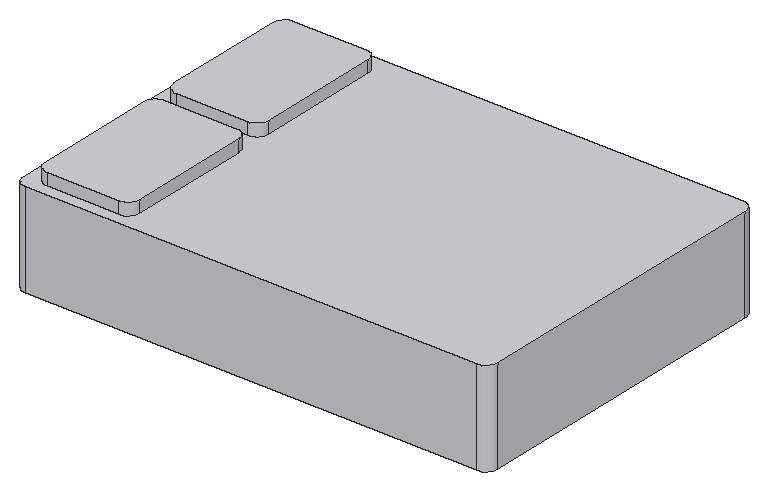
Revit family "Bed", category Furniture, Revit 2022
Family settings
  OmniClass Number = 23.40.20.00
  OmniClass Title = General Furniture and Specialties
  Work Plane-Based = Yes
  Always vertical = Yes
  Cut with Voids When Loaded = No
  Render Appearance Source = Family Geometry
  Shared = No
  Room Calculation Point = No
Parameters (values of type "1400x2000mm")
  Single bed = no
  Pillow materiale = none
  Double bed = yes
  Distance from wall = 50 mm
  Default Elevation = 0 mm
  Creator Build [instance] = "2018.0420.0"  # constant formula
  Corner rounding = 50 mm
  Bed width = 1400 mm
  Bed materiale = none
  Bed length = 2000 mm
Types (5, lengths in mm): name | Single bed | Double bed | Bed width
  900x2000mm | yes | no | 900
  1600x2000mm | no | yes | 1600
  1800x2000mm | no | yes | 2000
  800x2000mm | yes | no | 800
  1400x2000mm | no | yes | 1400
Reference planes
  plane 1 "Center (Front/Back)": y = 0
  plane 2: z = 0
  plane 3 "Center (Left/Right)": x = 0
  plane 4: y = 700
  plane 5: y = -700
  plane 6 "Top bed": z = 400
  plane 7: x = 50
  plane 8 "Bed length": x = 2050
Forms (mm)
  Extrusion 1, solid, material <- "Bed materiale"
    sketch origin (0, 0, 0) x (1, 0, 0) y (0, 1, 0)
      loop
        arc (100, 700) -> (64.645, 685.355) -> (50, 650) r 50
        line (50, 650) -> (50, -650)
        arc (50, -650) -> (64.645, -685.355) -> (100, -700) r 50
        line (100, -700) -> (2000, -700)
        arc (2000, -700) -> (2035.355, -685.355) -> (2050, -650) r 50
        line (2050, -650) -> (2050, 650)
        arc (2050, 650) -> (2035.355, 685.355) -> (2000, 700) r 50
        line (2000, 700) -> (100, 700)
    from 0 to 400
  Extrusion 2, solid, material <- "Pillow materiale", visible <- "Double bed"
    sketch origin (0, 0, 400) x (-1, 0, 0) y (0, -1, 0)
      loop
        line (-150, 650) -> (-450, 650)
        arc (-450, 650) -> (-485.355, 635.355) -> (-500, 600) r 50
        line (-500, 600) -> (-500, 80)
        arc (-500, 80) -> (-485.355, 44.645) -> (-450, 30) r 50
        line (-450, 30) -> (-150, 30)
        arc (-150, 30) -> (-114.645, 44.645) -> (-100, 80) r 50
        line (-100, 80) -> (-100, 600)
        arc (-100, 600) -> (-114.645, 635.355) -> (-150, 650) r 50
      loop
        arc (-150, -650) -> (-114.645, -635.355) -> (-100, -600) r 50
        line (-100, -600) -> (-100, -80)
        arc (-100, -80) -> (-114.645, -44.645) -> (-150, -30) r 50
        line (-150, -30) -> (-450, -30)
        arc (-450, -30) -> (-485.355, -44.645) -> (-500, -80) r 50
        line (-500, -80) -> (-500, -600)
        arc (-500, -600) -> (-485.355, -635.355) -> (-450, -650) r 50
        line (-450, -650) -> (-150, -650)
    from 0 to 50
  Extrusion 3, solid, material <- "Pillow materiale", visible <- "Single bed"
    sketch origin (0, 0, 400) x (-1, 0, 0) y (0, -1, 0)
      loop
        line (-150, 650) -> (-450, 650)
        arc (-450, 650) -> (-485.355, 635.355) -> (-500, 600) r 50
        line (-500, 600) -> (-500, -600)
        arc (-500, -600) -> (-485.355, -635.355) -> (-450, -650) r 50
        line (-450, -650) -> (-150, -650)
        arc (-150, -650) -> (-114.645, -635.355) -> (-100, -600) r 50
        line (-100, -600) -> (-100, 600)
        arc (-100, 600) -> (-114.645, 635.355) -> (-150, 650) r 50
    from 0 to 50
Dimensions and locks
  "Distance from wall": plane 3 "Center (Left/Right)" to Extrusion 1 sketch curve
  equal spacing: plane 4, plane 1 "Center (Front/Back)", plane 5
  "Bed width": plane 4 to plane 5
  "Corner rounding": plane 5 to Extrusion 2 sketch curve
  "Corner rounding": Extrusion 1 to Extrusion 2 sketch curve  (x2)
  "Corner rounding": plane 4 to Extrusion 2 sketch curve
  locked: Extrusion 3 sketch curve to Extrusion 3 sketch curve at 400
  "Corner rounding": Extrusion 1 to Extrusion 3 sketch curve
  "Corner rounding": plane 4 to Extrusion 3 sketch curve
  "Corner rounding": plane 5 to Extrusion 3 sketch curve
  locked: Extrusion 2 sketch curve to Extrusion 2 sketch curve at 400  (x2)
  equal spacing: Extrusion 2 sketch curve, plane 1 "Center (Front/Back)", Extrusion 2 sketch curve
  "Distance from wall": plane 3 "Center (Left/Right)" to plane 7
  "Bed length": plane 7 to plane 8 "Bed length"
  "Corner rounding": radius of Extrusion 1 sketch curve  (x4)
  "Corner rounding": radius of Extrusion 2 sketch curve  (x8)
  "Corner rounding": radius of Extrusion 3 sketch curve  (x4)
  aligned and locked: level to plane 2
  aligned and locked: Extrusion 1 sketch curve to plane 4
  aligned and locked: Extrusion 1 sketch curve to plane 5
  aligned and locked: plane 6 "Top bed" to Extrusion 1
  aligned and locked: plane 8 "Bed length" to Extrusion 1
Automatic sketch dimensions
  Extrusion 1 sketch curve to plane 8 "Bed length" = 0 mm
  Extrusion 2 sketch curve to plane 1 "Center (Front/Back)" = 80 mm
